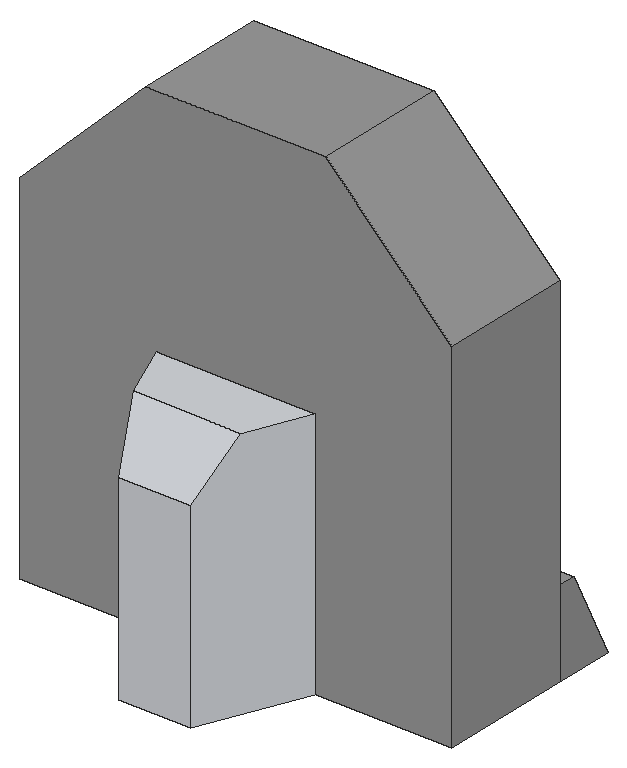
Revit family "Lavatory-Willoughby-HS-1013-46-HC-EB", category Plumbing Fixtures, Revit 2015
Parameters (values of type "Standard")
  Waste Connection = no
  Vent Connection = no
  URL = "https://www.willoughby-ind.com/wp-content/uploads/2018/01/HS-1013-46-HC.pdf"
  Type Comments = ""
  Revision = "A"
  Model = "HS-1013-46-HC-EB"
  Manufacturer = "Willoughby Industries"
  Lav Waste DIA = 1 1/2"
  Lav Waste Connection = yes
  HW Connection = no
  Fixture Body = Stainless Steel AISI 304-Willoughby
  Description = "18\" Wide, Rear Mounted, Handicap-A.D.A. Compliant Lavatory, Elbow waste"
  Default Elevation = 0' - 0"
  Contact # = "(800) 428-4065"
  CW Connection = no
Reference planes (in)
  plane 1 "Center (Front/Back)/Floor": y = 0
  plane 2: z = 0
  plane 3 "Center (Left/Right)": x = 0
  plane 4 "Lav Left": x = -9
  plane 5 "Lav Right": x = 9
  plane 6 "Sink Level": y = 34
  plane 7: y = 39
  plane 8 "Lav Front": z = 20.25
  plane 9: z = 14
  plane 10: y = 29
  plane 11: y = 28.25
  plane 12: y = 21.5
  plane 13: z = 9.1875
  plane 14: z = 4.4375
  plane 15: z = 13.9375
  plane 16: y = 36.5
  plane 17 "Lav Waste HGT": y = 26.5
  plane 18: x = 2.75
  plane 19: x = -2.75
  plane 20: y = 26.25
  plane 21: z = 15
  plane 22: z = 1.8125
Forms (in)
  Extrusion 1, solid, material "Stainless Steel AISI 304-Willoughby" <- "Fixture Body"
    sketch origin (0, 0, 0) x (1, 0, 0) y (0, 0, 1)
      loop
        line (9, 0) -> (9, 15) -> (3.75, 20.25) -> (-3.75, 20.25) -> (-9, 15) -> (-9, 0) -> (9, 0)
    from -28.375 to -34
  Extrusion 2, solid, material "Stainless Steel AISI 304-Willoughby" <- "Fixture Body"
    sketch origin (0, 0, 0) x (0, 1, 0) y (0, 0, 1)
      loop
        line (34, 0) -> (36.5, 0) -> (34.75, 3.625) -> (34, 3.625) -> (34, 0)
    from 9 to -9
  Revolve 3, void
    sketch origin (-48, 34, 48.375) x (-1, 0, 0) y (0, 0, 1)
      loop
        line (-41.5, -39.1875) -> (-54.5, -39.1875)
        spline (-54.5, -39.1875) -> (-54.27852, -40.41689) -> (-53.62917, -41.5625) -> (-52.59619, -42.54626) -> (-51.25, -43.30112) -> (-49.68232, -43.77565) -> (-48, -43.9375) -> (-46.31768, -43.77565) -> (-44.75, -43.30112) -> (-43.40381, -42.54626) -> (-42.37083, -41.5625) -> (-41.72148, -40.41689) -> (-41.5, -39.1875)
      axis (-54.5, -39.1875) -> (-41.5, -39.1875)
    angle from 0 to 180
  Revolve 4, solid
    sketch origin (-2, 0, 0) x (0, 1, 0) y (0, 0, 1)
      loop
        line (35.625, 1.8125) -> (35.84237, 1.36222) -> (36.06751, 1.47091) -> (35.95883, 1.69605) -> (36.4091, 1.91342) -> (36.30041, 2.13856) -> (35.625, 1.8125)
      axis (35.625, 1.8125) -> (36.30041, 2.13856)
    angle from 0 to 360
  Revolve 5, solid
    sketch origin (2, 0, 0) x (0, 1, 0) y (0, 0, 1)
      loop
        line (35.625, 1.8125) -> (35.84237, 1.36222) -> (36.06751, 1.47091) -> (35.95883, 1.69605) -> (36.4091, 1.91342) -> (36.30041, 2.13856) -> (35.625, 1.8125)
      axis (35.625, 1.8125) -> (36.30041, 2.13856)
    angle from 0 to 360
  Revolve 6, solid
    sketch origin (0, 0, 0) x (0, 1, 0) y (0, 0, 1)
      loop
        line (35.625, 1.8125) -> (35.84237, 1.36222) -> (36.51779, 1.68829)
        arc (36.51779, 1.68829) -> (36.59287, 1.96589) -> (36.51779, 2.2435) r 0.55078
        line (36.51779, 2.2435) -> (35.625, 1.8125)
      axis (36.51779, 2.2435) -> (35.625, 1.8125)
    angle from 0 to 360
  Extrusion 7, solid
    sketch origin (0, 0, 0) x (1, 0, 0) y (0, 1, 0)
      loop
        line (3.3125, 28.375) -> (-3.3125, 28.375) -> (-1.5, 24.125) -> (1.5, 24.125) -> (3.3125, 28.375)
    from 0 to 10.5
  Extrusion 8, void
    sketch origin (0, 0, 0) x (0, 1, 0) y (0, 0, 1)
      loop
        line (24.125, 10.5) -> (24.125, 8.275) -> (25.85, 10.5) -> (24.125, 10.5)
    from -3 to 3
  Extrusion 9, solid
    sketch origin (0, 0, 0) x (1, 0, 0) y (0, 1, 0)
      loop
        circle (0, 26.5) r 0.75
      loop
        circle (-1.5, 33.75) r 0.25
      loop
        circle (1.5, 33.75) r 0.25
    from -0.125 to 1
Cuts and joins
  Revolve 3 cuts Extrusion 1
  Extrusion 8 cuts Extrusion 7
Lines and regions (in)
  symbolic lines
    curve 1: line (0, 21.5, 0) -> (0, 36.5, 0)
    curve 2: line (0, 36.5, 0) -> (0, 34.75, 3.625)
    curve 3: line (0, 34.75, 3.625) -> (0, 34, 3.625)
    curve 4: line (0, 34, 0) -> (0, 34, 20.25)
    curve 5: line (0, 34, 20.25) -> (0, 29, 20.25)
    curve 6: line (0, 29, 14) -> (0, 26.25, 9.75)
    curve 7: line (0, 29, 20.25) -> (0, 26.25, 9.75)
    curve 8: line (0, 22.66469, 9.75) -> (0, 21.5, 8.58531)
    curve 9: line (0, 21.5, 8.58531) -> (0, 21.5, 0)
    curve 10: line (0, 26.25, 0) -> (0, 26.25, 9.75)
    curve 11: line (-9, 0, 0) -> (9, 0, 0)
    curve 12: line (9, 0, 0) -> (9, 0, 15)
    curve 13: line (9, 0, 14) -> (3.6875, 0, 20.25)
    curve 14: line (3.6875, 0, 20.25) -> (-3.75, 0, 20.25)
    curve 15: line (-3.75, 0, 20.25) -> (-9, 0, 15)
    curve 16: line (-9, 0, 15) -> (-9, 0, 0)
    curve 19: line (-9, 29, 0) -> (-9, 36.5, 0)
    curve 20: line (-9, 36.5, 0) -> (9, 36.5, 0)
    curve 21: line (9, 36.5, 0) -> (9, 29, 0)
    curve 22: line (7.5, 28.25, 0) -> (-3, 28.25, 0)
    curve 23: line (1.5, 21.5, 0) -> (-1.5, 21.5, 0)
    curve 24: line (-7.5, 28.25, 0) -> (-3, 28.25, 0)
    curve 27: line (3.75, 0, 20.25) -> (9, 0, 15)
    curve 28: line (0, 29, 0) -> (0, 29, 20.25)
    curve 29: line (0, 22.66469, 9.75) -> (0, 26.25, 9.75)
    curve 30: line (0, 34, 15) -> (0, 29, 15)
    curve 32: line (-7.5, 26.25, 0) -> (-7.5, 21.5, 0)
    curve 34: line (7.5, 28.25, 0) -> (7.5, 21.5, 0)
    curve 35: line (-3.75, 34, 0) -> (-3.75, 29, 0)
    curve 36: line (3.75, 34, 0) -> (3.75, 29, 0)
  symbolic lines, detail levels fine
    curve 17: spline (6.5, 0, 9.25) -> (6.27852, 0, 10.47939) -> (5.62917, 0, 11.625) -> (4.59619, 0, 12.60876) -> (3.25, 0, 13.36362) -> (1.68232, 0, 13.83815) -> (0, 0, 14) -> (-1.68232, 0, 13.83815) -> (-3.25, 0, 13.36362) -> (-4.59619, 0, 12.60876) -> (-5.62917, 0, 11.625) -> (-6.27852, 0, 10.47939) -> (-6.5, 0, 9.25)
    curve 18: spline (-6.5, 0, 9.25) -> (-6.27852, 0, 8.02061) -> (-5.62917, 0, 6.875) -> (-4.59619, 0, 5.89124) -> (-3.25, 0, 5.13638) -> (-1.68232, 0, 4.66185) -> (0, 0, 4.5) -> (1.68232, 0, 4.66185) -> (3.25, 0, 5.13638) -> (4.59619, 0, 5.89124) -> (5.62917, 0, 6.875) -> (6.27852, 0, 8.02061) -> (6.5, 0, 9.25)
    curve 31: line (-9, 34.75, 0) -> (9, 34.75, 0)
  symbolic lines, detail levels medium+fine
    curve 25: line (-9, 34, 0) -> (9, 34, 0)
    curve 26: line (9, 0, 3.625) -> (-9, 0, 3.625)
    curve 33: line (-7.5, 22.66469, 0) -> (7.5, 22.66469, 0)
  reference lines
    curve 37: line (-9, 36.5, 0) -> (-9, 20.1875, 0)
Dimensions and locks (in)
  equal spacing: plane 4 "Lav Left", plane 3 "Center (Left/Right)", plane 5 "Lav Right"
  plane 4 "Lav Left" to plane 5 "Lav Right" = 1' - 6"  (x3)
  plane 1 "Center (Front/Back)/Floor" to plane 17 "Lav Waste HGT" = 2' - 2 1/2"
  plane 6 "Sink Level" to plane 10 = 0' - 5"
  plane 16 to plane 10 = 0' - 7 1/2"
  plane 16 to plane 12 = 1' - 3"
  plane 1 "Center (Front/Back)/Floor" to plane 6 "Sink Level" = 2' - 10"
  plane 4 "Lav Left" to plane 3 "Center (Left/Right)" = 0' - 9"
  plane 1 "Center (Front/Back)/Floor" to plane 16 = 3' - 0 1/2"
  level to plane 8 "Lav Front" = 1' - 8 1/4"
  level to plane 9 = 1' - 2"
  plane 9 to plane 8 "Lav Front" = 0' - 6 1/4"
  curve 14 to plane 5 "Lav Right" = 0' - 5 5/16"
  plane 6 "Sink Level" to plane 12 = 1' - 0 1/2"
  aligned and locked: plane 6 "Sink Level" to Extrusion 1
  aligned and locked: Extrusion 1 to level
  aligned and locked: Extrusion 2 to plane 6 "Sink Level"
  aligned and locked: Extrusion 2 to level
  aligned and locked: curve 4 to curve 30
  aligned and locked: curve 30 to cut or joined group of Extrusion 1, Revolve 3
  aligned and locked: Extrusion 7 sketch curve to cut or joined group of Extrusion 1, Revolve 3
Automatic sketch dimensions
  curve 19 to plane 4 "Lav Left" = 0' - 0"
  curve 32 to plane 12 = 0' - 0"
  curve 32 to plane 20 = 0' - 0"
  curve 24 to plane 11 = 0' - 0"
  curve 35 to plane 10 = 0' - 0"
  curve 35 to plane 6 "Sink Level" = 0' - 0"
  curve 23 to plane 12 = 0' - 0"
  curve 36 to plane 10 = 0' - 0"
  curve 34 to plane 12 = 0' - 0"
  curve 19 to plane 16 = 0' - 0"
  curve 32 to plane 4 "Lav Left" = 0' - 1 1/2"
  curve 22 to plane 19 = 0' - 0 1/4"
  plane 5 "Lav Right" to curve 22 = 0' - 1 1/2"
  curve 24 to plane 4 "Lav Left" = 0' - 1 1/2"
  curve 35 to plane 19 = 0' - 1"
  plane 19 to curve 23 = 0' - 1 1/4"
  curve 23 to plane 18 = 0' - 1 1/4"
  plane 18 to curve 36 = 0' - 1"
  plane 12 to curve 33 = 0' - 1.16469"
  plane 6 "Sink Level" to curve 31 = 0' - 0 3/4"
  curve 8 to plane 12 = 0' - 0"
  curve 29 to plane 20 = 0' - 0"
  curve 3 to plane 6 "Sink Level" = 0' - 0"
  curve 1 to level = 0' - 0"
  curve 1 to plane 16 = 0' - 0"
  curve 6 to plane 9 = 0' - 0"
  curve 5 to plane 8 "Lav Front" = 0' - 0"
  plane 12 to curve 8 = 0' - 1.16469"
  curve 3 to curve 2 = 0' - 0 3/4"
  plane 22 to curve 2 = 0' - 1 13/16"
  curve 8 to plane 9 = 0' - 5.41469"
  curve 7 to plane 9 = 0' - 4 1/4"
  curve 11 to level = 0' - 0"
  plane 4 "Lav Left" to curve 11 = 0' - 0"
  curve 15 to plane 8 "Lav Front" = 0' - 0"
  curve 17 to plane 3 "Center (Left/Right)" = 0' - 0"
  curve 27 to plane 8 "Lav Front" = 0' - 0"
  plane 5 "Lav Right" to curve 12 = 0' - 0"
  curve 13 to plane 9 = 0' - 0"
  curve 12 to plane 21 = 0' - 0"
  curve 15 to plane 21 = 0' - 0"
  curve 15 to plane 19 = 0' - 1"
  curve 18 to plane 4 "Lav Left" = 0' - 2 1/2"
  curve 13 to curve 27 = 0' - 0 1/16"
  plane 22 to curve 26 = 0' - 1 13/16"
  curve 18 to plane 9 = 0' - 4 3/4"
  Extrusion 1 sketch curve to level = 0' - 0"
  plane 4 "Lav Left" to Extrusion 1 sketch curve = 0' - 0"
  Extrusion 1 sketch curve to plane 8 "Lav Front" = 0' - 0"
  plane 5 "Lav Right" to Extrusion 1 sketch curve = 0' - 0"
  Extrusion 1 sketch curve to plane 21 = 0' - 0"  (x2)
  Extrusion 1 sketch curve to plane 19 = 0' - 1"
  plane 18 to Extrusion 1 sketch curve = 0' - 1"
  Extrusion 2 sketch curve to plane 6 "Sink Level" = 0' - 0"
  Extrusion 2 sketch curve to level = 0' - 0"
  Extrusion 2 sketch curve to plane 16 = 0' - 0"
  Extrusion 2 sketch curve to Extrusion 2 sketch curve = 0' - 0 3/4"
  plane 22 to Extrusion 2 sketch curve = 0' - 1 13/16"
  Revolve 3 sketch curve to plane 13 = 0' - 0"  (x2)
  Revolve 3 sketch curve to plane 3 "Center (Left/Right)" = 0' - 0"
  plane 5 "Lav Right" to Revolve 3 sketch curve = 0' - 2 1/2"
  Revolve 3 sketch curve to Revolve 3 sketch curve = 0' - 0"  (x2)
  Revolve 4 sketch curve to plane 22 = 0' - 0"  (x2)
  Revolve 4 sketch curve to plane 16 = 0' - 0 7/8"
  Revolve 4 sketch curve to plane 22 = 0' - 0.45028"
  Revolve 4 sketch curve to Revolve 4 sketch curve = 0' - 0.21737"
  Revolve 4 sketch curve to plane 22 = 0' - 0.11645"
  Revolve 4 sketch curve to Revolve 4 sketch curve = 0' - 0.33383"
  Revolve 4 sketch curve to plane 16 = 0' - 0.19959"
  Revolve 4 sketch curve to Revolve 4 sketch curve = 0' - 0"  (x3)
  Revolve 5 sketch curve to plane 22 = 0' - 0"  (x2)
  Revolve 5 sketch curve to plane 16 = 0' - 0 7/8"
  Revolve 5 sketch curve to plane 22 = 0' - 0.45028"
  Revolve 5 sketch curve to Revolve 5 sketch curve = 0' - 0.21737"
  Revolve 5 sketch curve to plane 22 = 0' - 0.11645"
  Revolve 5 sketch curve to Revolve 5 sketch curve = 0' - 0.33383"
  Revolve 5 sketch curve to plane 16 = 0' - 0.19959"
  Revolve 5 sketch curve to Revolve 5 sketch curve = 0' - 0"  (x3)
  Revolve 6 sketch curve to plane 22 = 0' - 0"  (x2)
  Revolve 6 sketch curve to plane 16 = 0' - 0 7/8"
  Revolve 6 sketch curve to plane 22 = 0' - 0.45028"
  Revolve 6 sketch curve to Revolve 6 sketch curve = 0' - 0.21737"
  plane 22 to Revolve 6 sketch curve = 0' - 0.15339"
  Revolve 6 sketch curve to Revolve 6 sketch curve = 0' - 0.41708"
  plane 16 to Revolve 6 sketch curve = 0' - 0.01779"
  Revolve 6 sketch curve to Revolve 6 sketch curve = 0' - 0"  (x3)
  curve 6 to plane 10 = 0' - 0"
  curve 37 to plane 4 "Lav Left" = 0' - 0"
  curve 37 to plane 16 = 0' - 0"
  curve 37 to plane 12 = 0' - 1 5/16"
  curve 21 to plane 10 = 0' - 0"
  curve 31 to plane 5 "Lav Right" = 0' - 0"
  curve 19 to plane 10 = 0' - 0"
  Extrusion 7 sketch curve to plane 19 = 0' - 0 9/16"
  plane 18 to Extrusion 7 sketch curve = 0' - 0 9/16"
  plane 19 to Extrusion 7 sketch curve = 0' - 1 1/4"
  Extrusion 7 sketch curve to plane 18 = 0' - 1 1/4"
  Extrusion 7 sketch curve to plane 20 = 0' - 2 1/8"
  Extrusion 8 sketch curve to plane 20 = 0' - 2 1/8"
  Extrusion 8 sketch curve to plane 20 = 0' - 0.4"
  Extrusion 8 sketch curve to plane 9 = 0' - 5.725"
  Extrusion 8 sketch curve to Extrusion 8 sketch curve = 0' - 2.225"
  Extrusion 9 sketch curve to plane 3 "Center (Left/Right)" = 0' - 0"
  Extrusion 9 sketch curve to plane 17 "Lav Waste HGT" = 0' - 0"
  Extrusion 9 sketch curve to plane 6 "Sink Level" = 0' - 0 1/4"  (x2)
  plane 19 to Extrusion 9 sketch curve = 0' - 1 1/4"
  Extrusion 9 sketch curve to plane 18 = 0' - 1 1/4"
  radius of Extrusion 9 sketch curve = 0' - 0 3/4"
  radius of Extrusion 9 sketch curve = 0' - 0 1/4"  (x2)
Connectors (in)
  piping at (0, 26.5, -0.125), diameter 1.5
    settings: on Extrusion 9, index 1, connector inside diameter 24", connector length 0' - 0", flow factor 0, pipe flow 0 GPM, pressure drop 0.00 psi, fitting loss kfactor 0, connector angle 0.00°, fixture units 0, engagement length 0' - 0", angle of deflection 0.00°, flow configuration 0, flow direction 0, fitting loss method 0, system type 8, joint type 0, gender type 0, connector reference index -1, connector utility 0, adjustable connector no, is connector primary yes, connector description ""
  piping at (1.5, 33.75, -0.125), diameter 0.5
    settings: on Extrusion 9, index 2, connector inside diameter 24", connector length 0' - 0", flow factor 0, pipe flow 0 GPM, pressure drop 0.00 psi, fitting loss kfactor 0, connector angle 0.00°, fixture units 0, engagement length 0' - 0", angle of deflection 0.00°, flow configuration 0, flow direction 0, fitting loss method 0, system type 19, joint type 0, gender type 0, connector reference index -1, connector utility 0, adjustable connector no, is connector primary no, connector description ""
  piping at (-1.5, 33.75, -0.125), diameter 0.5
    settings: on Extrusion 9, index 3, connector inside diameter 24", connector length 0' - 0", flow factor 0, pipe flow 0 GPM, pressure drop 0.00 psi, fitting loss kfactor 0, connector angle 0.00°, fixture units 0, engagement length 0' - 0", angle of deflection 0.00°, flow configuration 0, flow direction 0, fitting loss method 0, system type 20, joint type 0, gender type 0, connector reference index -1, connector utility 0, adjustable connector no, is connector primary no, connector description ""
